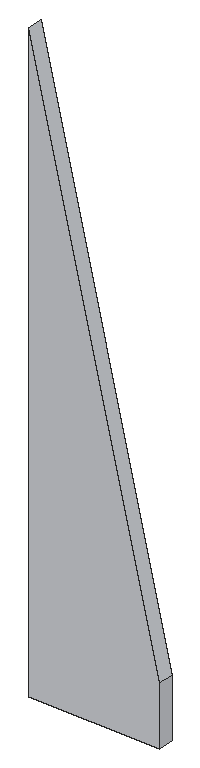
Revit family "EXP_WT-1C_CPan-013", category Curtain Panels, Revit 2021
Family settings
  OmniClass Number = 23.25.20.14.11.11.17
  OmniClass Title = Infill Panels
  Always vertical = Yes
  Cut with Voids When Loaded = No
  Shared = No
Parameters (values of type "H = Positive + Negative")
  UI-UnitNumber [instance] = "001"
  UI-Quadrant [instance] = "SE"
  UI-ProjectAbbreviation = "NEU"
  UI-ItemCategory = "PID"
  UI-FloorNumber [instance] = "03"
  PNT-WallType = "WT1C"
  PNT-ProjectAbbreviation = "NEU"
  PNT-PanelType [instance] = "01"
  PNT-ItemCategory = "PNL"
  HSX [instance] = DistanceLevel - (HModSX + CellH + DistanceAxis)  # 1' - 11"
  HModSX [instance] = 13' - 6"
  HModDX [instance] = 18' - 1"
  HDX [instance] = (DistanceLevel - (CellH + DistanceAxis)) + HModDX  # 33' - 6"
  GlassH1 [instance] = none
  DistanceLevel = 21' - 9"
  DistanceAxis [instance] = 4' - 10"
  Define Thermal Properties by = Schematic Type
  CellSxH [instance] = HSX + CellH  # 3' - 5"
  CellSp = 0' - 10 3/16"
  CellL [instance] = 7' - 8"
  CellH2 [instance] = 9' - 8"
  CellH [instance] = 1' - 6"
  CellDxH [instance] = HDX + CellH  # 35' - 0"
  AncleTrapezoid [instance] = 166.356°
  Analytic Construction = "<None>"
Reference planes (in)
  plane 1 "Center (Front/Back)": y = 0
  plane 2: z = 0
  plane 3 "Center (Left/Right)": x = 0
  plane 4 "Left": x = -46
  plane 5 "Right": x = 46
  plane 6 "Top": z = 18
  plane 7: y = -10.1875
  plane 8: z = 41
  plane 9: z = 420
Forms (in)
  Extrusion 1, solid, material <- "GlassH1"
    sketch origin (0, 0, 0) x (1, 0, 0) y (0, 0, 1)
      loop
        line (46, 41) -> (-46, 420) -> (-46, 0) -> (46, 0) -> (46, 41)
    from 0 to 10.1875
Lines and regions (in)
  reference lines
    curve 1: line (46, 0, 41) -> (-46, 0, 420)
Text (in)
  text "Exterior" at (-92.59733, 55.75508, 0), in view "Ref. Level"
  text "Exterior" at (0, 90.18664, 173.49264), in view "Left"
  text "Exterior" at (0, 52.29083, 162.21847), in view "Right"
Dimensions and locks (in)
  equal spacing: plane 4 "Left", plane 3 "Center (Left/Right)", plane 5 "Right"  (x2)
  "CellL": plane 4 "Left" to plane 5 "Right"
  "CellSp": plane 7 to plane 1 "Center (Front/Back)"
  "CellH": plane 2 to plane 6 "Top"
  "HSX": plane 6 "Top" to plane 8
  "HDX": plane 6 "Top" to plane 9
  "AncleTrapezoid": angle plane 5 "Right" to curve 1
  aligned and locked: level to plane 2
  aligned and locked: plane 5 "Right" to Extrusion 1 sketch curve
  aligned and locked: Extrusion 1 sketch curve to plane 4 "Left"
  aligned and locked: Extrusion 1 to plane 7
  aligned and locked: plane 2 to Extrusion 1 sketch curve
Automatic sketch dimensions
  Extrusion 1 sketch curve to plane 8 = 0' - 0"
  Extrusion 1 sketch curve to plane 9 = 0' - 0"
  curve 1 to plane 4 "Left" = 0' - 0"
  curve 1 to plane 8 = 0' - 0"
